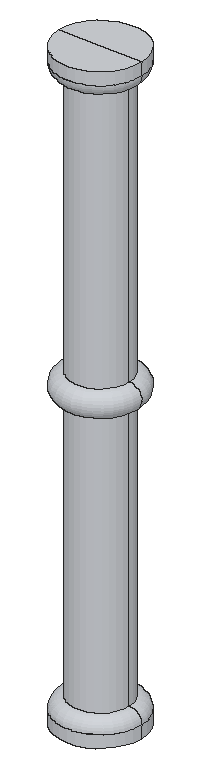
Revit family
Parameters (values of type "Balustrade H36")
  Width = 0' - 5"
  URL = "www.strombergarchitectural.com"
  Top Material = none
  Submittal Sheet = "www.strombergarchitectural.com/images/materials/gfrc/submittal/gfrc-submittal-sheet.pdf"
  Specifications = "www.strombergarchitectural.com/gfrcspecifications"
  Model Cut-sheet = "http://www.strombergarchitectural.com/products/balustrade/design/H36"
  Model = "Balustrade H36"
  Manufacturer = "Stromberg Architectural Products"
  Guidebook = "www.strombergarchitectural.com/images/materials/gfrc/handbooks/gfrc_guidebook.pdf   \r\n(http://www.strombergarchitectural.com/images/materials/gfrc/handbooks/gfrc_guidebook.pdf"
  Description = "GFRC Baluster"
  Assembly Code = ""
  Height = 3' - 0 3/4"
  XXX.5 = no
  XXX.4 = no
  XXX.3 = no
  XXX.2 = no
  XXX.1 = yes
Reference planes (in)
  plane 1 "Center (Front/Back)": y = 3.74847
  plane 2: z = 0
  plane 3 "Center (Left/Right)": x = 0.7278
  plane 4 "Front": y = -3.25153
  plane 5 "Back": y = 10.74847
  plane 6 "Left": x = -17.2722
  plane 7 "Right": x = 18.7278
Forms (in)
  Revolve 1, solid
    sketch origin (0, 3.74847, 0) x (1, 0, 0) y (0, 0, 1)
      loop
        line (0.7278, 36.75) -> (-1.7722, 36.75) -> (-1.7722, 36)
        arc (-1.7722, 36) -> (-1.55253, 35.46967) -> (-1.0222, 35.25) r 0.75
        spline (-1.0222, 35.25) -> (-0.869, 33.90919) -> (-0.74358, 32.5665) -> (-0.646, 31.22232) -> (-0.57628, 29.87706) -> (-0.53444, 28.53113) -> (-0.52049, 27.18494) -> (-0.53444, 25.83889) -> (-0.57628, 24.49339) -> (-0.646, 23.14885) -> (-0.74358, 21.80566) -> (-0.869, 20.46424) -> (-1.0222, 19.125)
        arc (-1.0222, 19.125) -> (-1.7722, 18.375) -> (-1.0222, 17.625) r 0.75
        spline (-1.0222, 17.625) -> (-0.869, 16.28576) -> (-0.74358, 14.94434) -> (-0.646, 13.60115) -> (-0.57628, 12.25661) -> (-0.53444, 10.91111) -> (-0.52049, 9.56506) -> (-0.53444, 8.21887) -> (-0.57628, 6.87294) -> (-0.646, 5.52768) -> (-0.74358, 4.1835) -> (-0.869, 2.84081) -> (-1.0222, 1.5)
        arc (-1.0222, 1.5) -> (-1.55253, 1.28033) -> (-1.7722, 0.75) r 0.75
        line (-1.7722, 0.75) -> (-1.7722, 0) -> (0.7278, 0) -> (0.7278, 36.75)
      axis (0.7278, 36.75) -> (0.7278, 0)
    angle from 0 to 360
Dimensions and locks (in)
  aligned and locked: level to plane 2
